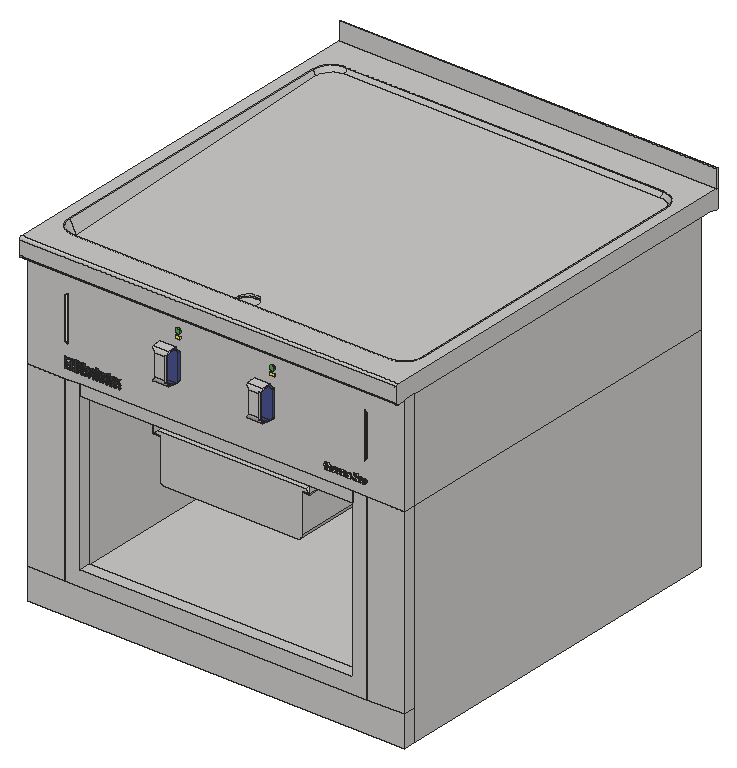
Revit family "QF_ELECTROLUXPROFESSIONAL_588666_MBHBGBHDAO", category Attrezzature speciali, Revit 2020
Family settings
  Quota connettore circolare = Usa diametro
  Tipo di parte = Normale
  Basato su piano di lavoro = No
  Sempre verticale = Sì
  Taglio con vuoti quando caricato = No
  Condiviso = No
  Punto di calcolo locali = No
Parameters (values of type "Standard")
  Weight = 145.00 kg
  Watts = 15300 W
  Volts = 400 V
  URL Manufacturer = "https://www.electroluxprofessional.com/"
  URL = "https://www.electroluxprofessional.com/"
  Steam Supply Size = 0"
  Steam Supply Minimum Pressure = 0.00 psi
  Steam Supply Maximum Pressure = 0.00 psi
  Steam Consumption per Hour = 0
  Refrigeration Suction Line Size = 0 mm
  Refrigeration Liquid Line Size = 0 mm
  Refrigerant Compressor Remote = yes
  Prospetto di default = 0 mm
  Phase = 3
  Modello = "MBHBGBHDAO"
  Produttore = "Electrolux Professional"
  Length Actual = 800 mm  # constant formula
  Item Number = "588666"
  Hot Water Size = 0"
  Height Actual = 700 mm  # constant formula
  HP = "20.5 HP"
  Gas Size = 0"
  Gas KW = 0
  Gas Input Pressure = 0.0 Btu/h
  Direct Waste Size = 0"
  Descrizione = "EL.FRYTOP,SMOOTH PL,1S,BSPL,800X850X700H"
  Depth Actual = 850 mm  # constant formula
  Cycle = 50 Hz
  Condensate Return Size = 0"
  Compressed Air Volume = 0 GPM
  Compressed Air Size = 0"
  Compressed Air Pressure = 0.00 psi
  Cold Water Size = 0"
  Accessory = yes
Reference planes
  plane 1 "BACK": y = 0
  plane 2: z = 0
  plane 3 "LEFT": x = 0
  plane 4 "RIGHT": x = 800
  plane 5 "FRONT": y = -850
  plane 6 "TOP": z = 900
  plane 7 "Center (Left/Right)": x = 400
  plane 8 "Center (Front/Back)": y = -425
  plane 9: y = -150
  plane 10: y = -65
  plane 11: y = -790
  plane 12 "EIY": y = -635
  plane 13: z = 938
  plane 14 "BaseTop": z = 650
  plane 15: y = -805
  plane 16 "Camino": y = -50
  plane 17 "EIx": x = 755
  plane 18: z = 1131
  plane 19 "PlaneRibbed": through (-6096, -65, 890) normal (0, -0.0251, 0.9997)
  plane 20 "Base": z = 200
Forms (mm)
  Extrusion 1, solid, material "QF_Finishes_Stainless Steel"
    sketch origin (-178.969, -4572, 100) x (-1, 0, 0) y (0, -1, 0)
      loop
        line (-178.969, -4527) -> (-178.969, -3767) -> (-978.969, -3767) -> (-978.969, -4527) -> (-178.969, -4527)
    from 550 to 762.969
  Extrusion 2, solid, material "QF_Finishes_Stainless Steel"
    sketch origin (400, 296.4, 1219.2) x (0, 1, 0) y (0, 0, 1)
      loop
        line (-296.4, -319.2) -> (-1141.4, -319.2)
        arc (-1141.4, -319.2) -> (-1144.935, -320.664) -> (-1146.4, -324.2) r 5
        line (-1146.4, -324.2) -> (-1146.4, -355.2)
        arc (-1146.4, -355.2) -> (-1144.971, -358.264) -> (-1141.705, -359.139) r 4
        line (-1141.705, -359.139) -> (-1126.4, -356.231) -> (-316.4, -356.231) -> (-301.094, -359.139)
        arc (-301.094, -359.139) -> (-297.829, -358.264) -> (-296.4, -355.2) r 4
        line (-296.4, -355.2) -> (-296.4, -319.2)
    from -400 to 400
  Extrusion 3, void
    sketch origin (0, 0, 900) x (-1, 0, 0) y (0, -1, 0)
      loop
        arc (-65, 65) -> (-36.716, 76.716) -> (-25, 105) r 40
        line (-25, 105) -> (-25, 750)
        arc (-25, 750) -> (-36.716, 778.284) -> (-65, 790) r 40
        line (-65, 790) -> (-735, 790)
        arc (-735, 790) -> (-763.284, 778.284) -> (-775, 750) r 40
        line (-775, 750) -> (-775, 105)
        arc (-775, 105) -> (-763.284, 76.716) -> (-735, 65) r 40
        line (-735, 65) -> (-65, 65)
    from 0 to -30
  Extrusion 4, solid, material "QF_Finishes_Stainless Steel"
    sketch origin (400, 296.4, 1219.2) x (0, 1, 0) y (0, 0, 1)
      loop
        line (-296.4, -319.2) -> (-296.4, -281.2) -> (-298.4, -281.2) -> (-298.4, -319.2) -> (-296.4, -319.2)
    from 400 to -400
  Extrusion 5, solid, material "QF_Finishes_Stainless Steel"
    sketch origin (0, 0, 200) x (-1, 0, 0) y (0, -1, 0)
      loop
        circle (-755, 635) r 10.1
    from 0 to -10
  Sweep 6, solid, material "QF_Finishes_Stainless Steel"
    path origin (0, 0, 900) x (-1, 0, 0) y (0, -1, 0)
      loop
        line (-25, 105) -> (-25, 750)
        arc (-25, 750) -> (-36.716, 778.284) -> (-65, 790) r 40
        line (-65, 790) -> (-735, 790)
        arc (-735, 790) -> (-763.284, 778.284) -> (-775, 750) r 40
        line (-775, 750) -> (-775, 105)
        arc (-775, 105) -> (-763.284, 76.716) -> (-735, 65) r 40
        line (-735, 65) -> (-65, 65)
        arc (-65, 65) -> (-36.716, 76.716) -> (-25, 105) r 40
    profile origin (25, -427.5, 900) x (1, 0, 0) y (0, 0, 1)
      loop
        line (0, 0) -> (0, -30) -> (15, -30) -> (0, 0)
  Extrusion 7, void
    sketch origin (305.009, 0, 900) x (-1, 0, 0) y (0, -1, 0)
      loop
        circle (-94.991, 746) r 22.248
    from -32.282 to 0
  Extrusion 8, solid, material "QF_Finishes_Stainless Steel"
    sketch origin (400, 296.4, 1219.2) x (0, 1, 0) y (0, 0, 1)
      loop
        line (-1086.4, -349.2) -> (-361.4, -349.2) -> (-361.4, -329.2) -> (-1086.4, -347.399) -> (-1086.4, -349.2)
    from -375 to 375
  Extrusion 9, void
    sketch origin (290.252, 20, 900) x (-1, 0, 0) y (0, -1, 0)
      loop
        circle (-109.748, 765.667) r 22.248
    from -32.282 to 0
  Extrusion 10, solid, material "QF_Finishes_Stainless Steel"
    sketch origin (0, -425, 0) x (-1, 0, 0) y (0, 0, 1)
      loop
        line (-264.372, 616.232) -> (-236.622, 616.232)
        arc (-236.622, 616.232) -> (-235.738, 615.866) -> (-235.372, 614.982) r 1.25
        line (-235.372, 614.982) -> (-235.372, 584.482)
        arc (-235.372, 584.482) -> (-235.738, 583.598) -> (-236.622, 583.232) r 1.25
        line (-236.622, 583.232) -> (-249.372, 583.232) -> (-249.372, 582.232) -> (-236.622, 582.232)
        arc (-236.622, 582.232) -> (-235.031, 582.891) -> (-234.372, 584.482) r 2.25
        line (-234.372, 584.482) -> (-234.372, 614.982)
        arc (-234.372, 614.982) -> (-235.031, 616.573) -> (-236.622, 617.232) r 2.25
        line (-236.622, 617.232) -> (-264.372, 617.232) -> (-264.372, 616.232)
      loop
        line (-537.372, 616.232) -> (-537.372, 617.232) -> (-565.122, 617.232)
        arc (-565.122, 617.232) -> (-566.713, 616.573) -> (-567.372, 614.982) r 2.25
        line (-567.372, 614.982) -> (-567.372, 584.482)
        arc (-567.372, 584.482) -> (-566.713, 582.891) -> (-565.122, 582.232) r 2.25
        line (-565.122, 582.232) -> (-552.372, 582.232) -> (-552.372, 583.232) -> (-565.122, 583.232)
        arc (-565.122, 583.232) -> (-566.006, 583.598) -> (-566.372, 584.482) r 1.25
        line (-566.372, 584.482) -> (-566.372, 614.982)
        arc (-566.372, 614.982) -> (-566.006, 615.866) -> (-565.122, 616.232) r 1.25
        line (-565.122, 616.232) -> (-537.372, 616.232)
    from -365 to 360
  Extrusion 11, solid, material "QF_Finishes_Stainless Steel"
    sketch origin (0, -425, 0) x (-1, 0, 0) y (0, 0, 1)
      loop
        line (-249.872, 583.232) -> (-238.372, 583.232) -> (-238.372, 584.232) -> (-244.372, 590.232) -> (-557.372, 590.232) -> (-563.372, 584.232) -> (-563.372, 583.232) -> (-551.872, 583.232) -> (-551.872, 501.232)
        arc (-551.872, 501.232) -> (-548.65, 493.454) -> (-540.872, 490.232) r 11
        line (-540.872, 490.232) -> (-260.872, 490.232)
        arc (-260.872, 490.232) -> (-253.094, 493.454) -> (-249.872, 501.232) r 11
        line (-249.872, 501.232) -> (-249.872, 583.232)
    from -365 to 360
  Extrusion 12, void
    sketch origin (0, -425, 0) x (-1, 0, 0) y (0, 0, 1)
      loop
        line (-254.872, 501.232) -> (-254.872, 590.232) -> (-546.872, 590.232) -> (-546.872, 506.232)
        arc (-546.872, 506.232) -> (-543.65, 498.454) -> (-535.872, 495.232) r 11
        line (-535.872, 495.232) -> (-260.872, 495.232)
        arc (-260.872, 495.232) -> (-256.629, 496.99) -> (-254.872, 501.232) r 6
    from -350 to 355
  Extrusion 13, solid, material "QF_Finishes_Stainless Steel"
    sketch origin (0, -425, 0) x (-1, 0, 0) y (0, 0, 1)
      loop
        line (-690, 617.232) -> (-109.949, 617.232) -> (-109.949, 627) -> (-690, 627) -> (-690, 617.232)
    from -365 to -351.075
Cuts and joins
  Extrusion 3, Extrusion 7, Extrusion 9 cuts Extrusion 2
  Extrusion 9 cuts Sweep 6
  Extrusion 9 cuts Extrusion 8
  joined: Sweep 6, Extrusion 8
  Extrusion 12 cuts Extrusion 11
Lines and regions (mm)
  symbolic lines
    curve 1: line (0, 0, 100) -> (800, 0, 100)
    curve 2: line (0, -850, 100) -> (0, 0, 100)
    curve 3: line (800, -850, 100) -> (0, -850, 100)
    curve 4: line (800, 0, 100) -> (800, -850, 100)
    curve 5: line (0, -2, 0) -> (800, -2, 0)
    curve 6: line (734.029, -65, 0) -> (65.29, -65, 0)
    curve 7: line (65.29, -790, 0) -> (734.029, -790, 0)
    curve 8: line (65, -80, 900) -> (735, -80, 900)
    curve 9: line (735, -775, 900) -> (65, -775, 900)
    curve 10: arc (760, -750, 900) -> (752.678, -767.678, 900) -> (735, -775, 900) r 25
    curve 11: line (760, -105, 900) -> (760, -750, 900)
    curve 12: arc (735, -80, 900) -> (752.678, -87.322, 900) -> (760, -105, 900) r 25
    curve 13: circle (400, -746, 900) r 22.248 normal (0, 0, 1)
    curve 14: arc (90.5, -85.483, 900) -> (62.314, -97.096, 900) -> (50.5, -125.198, 900) r 39.994
    curve 15: line (90.5, -85.482, 900) -> (710.5, -85.482, 900)
    curve 16: line (50.5, -662.082, 900) -> (50.5, -125.198, 900)
    curve 17: arc (50.5, -662.082, 900) -> (62.314, -690.184, 900) -> (90.5, -701.797, 900) r 39.994
    curve 18: line (710.5, -701.798, 900) -> (90.5, -701.798, 900)
    curve 19: line (40.29, -708.526, 900) -> (760, -708.526, 900)
    curve 20: line (40.29, -718.526, 900) -> (760, -718.526, 900)
    curve 21: arc (65, -65, 900) -> (36.716, -76.716, 900) -> (25, -105, 900) r 40
    curve 22: line (25, -105, 900) -> (25, -750, 900)
    curve 23: arc (25, -750, 900) -> (36.716, -778.284, 900) -> (65, -790, 900) r 40
    curve 24: arc (735, -790, 900) -> (763.284, -778.284, 900) -> (775, -750, 900) r 40
    curve 25: line (775, -750, 900) -> (775, -105, 900)
    curve 26: arc (775, -105, 900) -> (763.284, -76.716, 900) -> (735, -65, 900) r 40
    curve 27: arc (709.5, -85.483, 900) -> (737.686, -97.096, 900) -> (749.5, -125.198, 900) r 39.994
    curve 28: line (749.5, -662.082, 900) -> (749.5, -125.198, 900)
    curve 29: arc (749.5, -662.082, 900) -> (737.686, -690.184, 900) -> (709.5, -701.797, 900) r 39.994
    curve 30: arc (65, -775, 900) -> (47.322, -767.678, 900) -> (40, -750, 900) r 25
    curve 31: line (40, -750, 900) -> (40, -105, 900)
    curve 32: arc (40, -105, 900) -> (47.322, -87.322, 900) -> (65, -80, 900) r 25
Dimensions and locks
  plane 3 "LEFT" to plane 4 "RIGHT" = 800 mm
  locked: plane 5 "FRONT" to plane 1 "BACK" at 850
  plane 3 "LEFT" to plane 7 "Center (Left/Right)" to plane 4 "RIGHT" = 400 mm, 400 mm
  equal spacing: plane 5 "FRONT", plane 8 "Center (Front/Back)", plane 1 "BACK"
  plane 6 "TOP" to level = 900 mm  (x2)
  plane 1 "BACK" to plane 9 = 150 mm
  plane 12 "EIY" to plane 1 "BACK" = 635 mm
  plane 13 to plane 6 "TOP" = 38 mm
  plane 10 to plane 1 "BACK" = 65 mm
  plane 5 "FRONT" to plane 11 = 60 mm
  locked: plane 6 "TOP" to plane 14 "BaseTop" at 250
  locked: plane 15 to plane 5 "FRONT" at 45
  plane 16 "Camino" to plane 1 "BACK" = 50 mm
  plane 17 "EIx" to plane 4 "RIGHT" = 45 mm
  plane 18 to plane 6 "TOP" = 231 mm
  plane 20 "Base" to level = 200 mm
  aligned and locked: level to plane 2
  aligned and locked: cut or joined group of Extrusion 2, Extrusion 3, Extrusion 7, Extrusion 9 to plane 3 "LEFT"
  aligned and locked: cut or joined group of Extrusion 2, Extrusion 3, Extrusion 7, Extrusion 9 to plane 4 "RIGHT"
  aligned and locked: nested 1 to plane 15
  aligned and locked: Extrusion 1 to plane 15
  aligned and locked: Extrusion 4 to plane 3 "LEFT"
  aligned and locked: Extrusion 4 to plane 4 "RIGHT"
  aligned and locked: plane 3 "LEFT" to nested 1
  aligned and locked: Extrusion 1 to nested 2
Automatic sketch dimensions
  curve 5 to plane 3 "LEFT" = 0 mm
  plane 10 to curve 6 = 0 mm
  plane 11 to curve 7 = 0 mm
  curve 5 to plane 4 "RIGHT" = 0 mm
  plane 3 "LEFT" to curve 6 = 65.29 mm
  plane 3 "LEFT" to curve 7 = 65.29 mm
  curve 6 to plane 17 "EIx" = 20.971 mm
  curve 7 to plane 17 "EIx" = 20.971 mm
  plane 1 "BACK" to curve 5 = 2 mm
  Extrusion 1 sketch curve to plane 4 "RIGHT" = 0 mm
  Extrusion 1 sketch curve to plane 3 "LEFT" = 0 mm
  Extrusion 1 sketch curve to plane 15 = 0 mm
  Extrusion 1 sketch curve to plane 16 "Camino" = 5 mm
  plane 1 "BACK" to curve 1 = 0 mm
  curve 1 to plane 4 "RIGHT" = 0 mm
  curve 3 to plane 3 "LEFT" = 0 mm
  plane 5 "FRONT" to curve 3 = 0 mm
  Extrusion 2 sketch curve to plane 5 "FRONT" = 0 mm
  Extrusion 2 sketch curve to plane 6 "TOP" = 0 mm
  Extrusion 2 sketch curve to plane 1 "BACK" = 0 mm
  Extrusion 2 sketch curve to Extrusion 2 sketch curve = 4 mm
  Extrusion 2 sketch curve to Extrusion 2 sketch curve = 0.695 mm
  Extrusion 2 sketch curve to plane 5 "FRONT" = 5 mm
  Extrusion 2 sketch curve to Extrusion 2 sketch curve = 15.305 mm
  plane 1 "BACK" to Extrusion 2 sketch curve = 20 mm
  plane 1 "BACK" to Extrusion 2 sketch curve = 4.695 mm
  plane 1 "BACK" to Extrusion 2 sketch curve = 4 mm
  Extrusion 2 sketch curve to Extrusion 2 sketch curve = 31 mm
  Extrusion 2 sketch curve to Extrusion 2 sketch curve = 36 mm
  Extrusion 2 sketch curve to Extrusion 2 sketch curve = 2.909 mm
  plane 11 to Extrusion 3 sketch curve = 0 mm
  plane 10 to Extrusion 3 sketch curve = 0 mm
  plane 17 "EIx" to Extrusion 3 sketch curve = 20 mm
  Extrusion 3 sketch curve to plane 17 "EIx" = 20 mm  (x2)
  plane 3 "LEFT" to Extrusion 3 sketch curve = 65 mm  (x2)
  plane 10 to Extrusion 3 sketch curve = 40 mm
  curve 10 to curve 24 = 0 mm  (x2)
  curve 12 to curve 26 = 0 mm  (x2)
  curve 21 to curve 32 = 0 mm  (x2)
  curve 23 to curve 30 = 0 mm  (x2)
  plane 10 to curve 26 = 0 mm
  plane 11 to curve 24 = 0 mm
  curve 13 to plane 7 "Center (Left/Right)" = 0 mm
  plane 10 to curve 21 = 0 mm
  curve 29 to plane 17 "EIx" = 45.493 mm
  curve 27 to plane 17 "EIx" = 45.493 mm
  curve 12 to plane 17 "EIx" = 20 mm
  curve 24 to plane 17 "EIx" = 20 mm
  curve 28 to plane 17 "EIx" = 5.5 mm
  plane 17 "EIx" to curve 11 = 5 mm
  curve 25 to curve 11 = 15 mm
  curve 17 to plane 12 "EIY" = 26.803 mm
  plane 3 "LEFT" to curve 17 = 90.493 mm
  plane 9 to curve 14 = 24.523 mm
  plane 3 "LEFT" to curve 14 = 90.493 mm
  curve 14 to curve 21 = 25.493 mm
  curve 23 to plane 11 = 40 mm
  plane 3 "LEFT" to curve 23 = 65 mm
  curve 17 to curve 16 = 39.993 mm
  curve 31 to curve 16 = 20.198 mm
  curve 11 to curve 28 = 20.198 mm
  plane 9 to curve 27 = 24.523 mm
  curve 29 to plane 12 "EIY" = 26.803 mm
  curve 16 to plane 12 "EIY" = 27.082 mm
  curve 28 to plane 12 "EIY" = 27.082 mm
  curve 13 to plane 11 = 44 mm
  plane 10 to curve 27 = 20.483 mm
  curve 29 to curve 29 = 0.007 mm
  curve 18 to curve 29 = 1 mm
  curve 15 to curve 27 = 1 mm
  curve 18 to curve 17 = 0.007 mm
  curve 15 to curve 8 = 25.5 mm
  curve 15 to curve 14 = 0 mm
  curve 18 to curve 17 = 0 mm
  curve 20 to curve 30 = 0.29 mm
  curve 19 to curve 20 = 0 mm
  curve 15 to curve 14 = 0.001 mm
  curve 29 to curve 18 = 0.001 mm
  curve 19 to curve 30 = 41.474 mm
  curve 19 to curve 20 = 10 mm
  Extrusion 4 sketch curve to plane 6 "TOP" = 0 mm
  Extrusion 4 sketch curve to plane 13 = 0 mm
  Extrusion 4 sketch curve to plane 1 "BACK" = 0 mm
  Extrusion 4 sketch curve to Extrusion 4 sketch curve = 2 mm
  plane 10 to Sweep 6 sketch curve = 0 mm
  plane 11 to Sweep 6 sketch curve = 0 mm
  plane 17 "EIx" to Sweep 6 sketch curve = 20 mm
  Sweep 6 sketch curve to plane 17 "EIx" = 20 mm  (x2)
  plane 3 "LEFT" to Sweep 6 sketch curve = 65 mm  (x2)
  plane 3 "LEFT" to Sweep 6 sketch curve = 25 mm
  profile plane to Sweep 6 sketch curve = 0 mm
  Sweep 6 sketch curve to plane 6 "TOP" = 0 mm
  Sweep 6 sketch curve to profile plane = 15 mm
  Sweep 6 sketch curve to plane 6 "TOP" = 30 mm
  Extrusion 7 sketch curve to plane 7 "Center (Left/Right)" = 0 mm
  Extrusion 7 sketch curve to plane 11 = 44 mm
  Extrusion 7 sketch curve to plane 7 "Center (Left/Right)" = 12.288 mm
  Extrusion 7 sketch curve to Extrusion 7 sketch curve = 0 mm
  Extrusion 7 sketch curve to Extrusion 7 sketch curve = 18.547 mm
  plane 7 "Center (Left/Right)" to Extrusion 9 sketch curve = 0 mm
  Extrusion 9 sketch curve to plane 11 = 44.333 mm
  Extrusion 9 sketch curve to plane 7 "Center (Left/Right)" = 12.288 mm
  Extrusion 9 sketch curve to Extrusion 9 sketch curve = 0 mm
  Extrusion 9 sketch curve to Extrusion 9 sketch curve = 18.547 mm
  Extrusion 8 sketch curve to plane 11 = 0 mm
  Extrusion 8 sketch curve to plane 10 = 0 mm
  Extrusion 8 sketch curve to plane 6 "TOP" = 30 mm
  Extrusion 8 sketch curve to plane 6 "TOP" = 10 mm
  Extrusion 8 sketch curve to Extrusion 8 sketch curve = 1.801 mm
  plane 12 "EIY" to Extrusion 5 sketch curve = 0 mm
  Extrusion 5 sketch curve to plane 17 "EIx" = 0 mm
  Extrusion 10 sketch curve to Extrusion 10 sketch curve = 0 mm  (x8)
  Extrusion 10 sketch curve to plane 14 "BaseTop" = 35.018 mm
  plane 7 "Center (Left/Right)" to Extrusion 10 sketch curve = 167.372 mm
  Extrusion 10 sketch curve to Extrusion 10 sketch curve = 1 mm  (x2)
  Extrusion 10 sketch curve to Extrusion 10 sketch curve = 1.25 mm  (x3)
  Extrusion 10 sketch curve to Extrusion 10 sketch curve = 12.75 mm  (x2)
  Extrusion 10 sketch curve to Extrusion 10 sketch curve = 27.75 mm  (x2)
  Extrusion 10 sketch curve to plane 14 "BaseTop" = 33.768 mm
  Extrusion 10 sketch curve to plane 7 "Center (Left/Right)" = 135.628 mm
  Extrusion 10 sketch curve to Extrusion 10 sketch curve = 15 mm
  Extrusion 10 sketch curve to Extrusion 10 sketch curve = 30.5 mm  (x2)
  Extrusion 11 sketch curve to plane 14 "BaseTop" = 66.768 mm
  plane 7 "Center (Left/Right)" to Extrusion 11 sketch curve = 163.372 mm
  Extrusion 11 sketch curve to Extrusion 11 sketch curve = 11.5 mm
  Extrusion 11 sketch curve to Extrusion 11 sketch curve = 11 mm  (x2)
  Extrusion 11 sketch curve to plane 7 "Center (Left/Right)" = 139.128 mm
  Extrusion 11 sketch curve to Extrusion 11 sketch curve = 5.5 mm
  Extrusion 11 sketch curve to Extrusion 11 sketch curve = 6 mm  (x3)
  Extrusion 11 sketch curve to Extrusion 11 sketch curve = 82 mm
  Extrusion 11 sketch curve to Extrusion 11 sketch curve = 1 mm  (x2)
  Extrusion 11 sketch curve to plane 14 "BaseTop" = 59.768 mm
  plane 7 "Center (Left/Right)" to Extrusion 12 sketch curve = 146.872 mm
  Extrusion 12 sketch curve to Extrusion 12 sketch curve = 11 mm
  Extrusion 12 sketch curve to plane 7 "Center (Left/Right)" = 139.128 mm
  Extrusion 12 sketch curve to Extrusion 12 sketch curve = 6 mm
  Extrusion 12 sketch curve to plane 14 "BaseTop" = 154.768 mm
  Extrusion 12 sketch curve to plane 14 "BaseTop" = 59.768 mm
  Extrusion 13 sketch curve to plane 14 "BaseTop" = 23 mm
  plane 3 "LEFT" to Extrusion 13 sketch curve = 109.949 mm
  Extrusion 13 sketch curve to plane 17 "EIx" = 65 mm
  Extrusion 13 sketch curve to Extrusion 13 sketch curve = 9.768 mm
  radius of curve 13 = 22.248 mm
  radius of Extrusion 5 sketch curve = 10.1 mm
Nested families
  nested 1: "Front_Panel_W800_2 Knobs_2Spie" at (202.376, -805, 0), type "Front_Panel_W800_2 Knobs_2Spie"
  nested 2: "QF_ELECTROLUXPROFESSIONAL_588643_MB1NCAHOOO" at (0, 0, 0), type "QF_ELECTROLUXPROFESSIONAL_588643_MB1NCAHOOO"
    with Type Mark "", Specification by User "", Revision Code "", Item Number "", Installed By "", Identify Quantity as Lot yes, Furnished By "", Foodservice Equipment Identifier yes
Connectors
  electrical at (755, -635, 190), driven by "Volts"
    settings: on Extrusion 5, index 1, voltage 400 V, apparent load 0 VA, apparent load phase1 0 VA, apparent load phase2 0 VA, apparent load phase3 0 VA, power factor 1, load classification "Other", number of poles 1, system type 30, power factor state 1, is connector primary yes, connector utility no, sub classification motor no, connector description "Electrical Connection"
Definition of nested family "Front_Panel_W800_2 Knobs_2Spie"
  Parameters
    Default Elevation = 0 mm
  Reference planes
    plane 1 "Center (Front/Back)": y = 0
    plane 2: z = 0
    plane 3 "Center (Left/Right)": x = 197.624
    plane 4 "Left": x = -202.376
    plane 5 "Right": x = 597.624
    plane 6: y = -45
    plane 7: x = 97.624
    plane 8 "Panel": y = -25
    plane 9: x = 517.624
    plane 10: x = -122.376
    plane 11: x = 297.624
  Forms (mm)
    Extrusion 1, solid
      sketch origin (833.217, 829.203, -1.25) x (0, 1, 0) y (0, 0, 1)
        loop
          line (-854.203, 651.25) -> (-829.203, 651.25) -> (-829.203, 864.25) -> (-854.203, 864.25) -> (-854.203, 651.25)
      from -1035.593 to -235.593
    Extrusion 2, void
      sketch origin (0, -25, -10) x (0, 0, 1) y (-1, 0, 0)
        loop
          line (731.866, 122.376) -> (726.866, 117.376) -> (823.866, 117.376) -> (818.866, 122.376) -> (731.866, 122.376)
        loop
          line (731.866, -517.624) -> (818.866, -517.624) -> (823.866, -512.624) -> (726.866, -512.624) -> (731.866, -517.624)
      from 0 to -2
    Extrusion 3, solid
      sketch origin (160, -25, 1.163) x (0, 0, 1) y (-1, 0, 0)
        loop
          circle (824.337, 42.376) r 5
      from 0 to 1.7
    Extrusion 4, solid
      sketch origin (330.497, -25, 1.163) x (0, 0, 1) y (-1, 0, 0)
        loop
          circle (824.337, 12.376) r 5
      from 0 to 1.7
    Extrusion 5, solid
      sketch origin (0, -25, -10) x (0, 0, 1) y (-1, 0, 0)
        loop
          line (731.866, 122.376) -> (726.866, 117.376) -> (823.866, 117.376) -> (818.866, 122.376) -> (731.866, 122.376)
        loop
          line (726.866, -512.624) -> (731.866, -517.624) -> (818.866, -517.624) -> (823.866, -512.624) -> (726.866, -512.624)
      from -2 to 0
    Extrusion 6, solid
      sketch origin (160, -25, -13.837) x (0, 0, 1) y (-1, 0, 0)
        loop
          line (829.337, 37.376) -> (829.337, 47.376) -> (824.337, 47.376) -> (824.337, 37.376) -> (829.337, 37.376)
      from 0 to 1.7
    Extrusion 7, solid
      sketch origin (360, -25, -13.837) x (0, 0, 1) y (-1, 0, 0)
        loop
          line (829.337, 37.376) -> (829.337, 47.376) -> (824.337, 47.376) -> (824.337, 37.376) -> (829.337, 37.376)
      from 0 to 1.7
  Cuts and joins
    Extrusion 2 cuts Extrusion 1
  Dimensions and locks
    equal spacing: plane 5 "Right", plane 3 "Center (Left/Right)", plane 4 "Left"
    plane 5 "Right" to plane 4 "Left" = 800 mm
    plane 3 "Center (Left/Right)" to plane 7 = 100 mm
    plane 11 to plane 3 "Center (Left/Right)" = 100 mm
    aligned and locked: cut or joined group of Extrusion 1, Extrusion 2 to plane 4 "Left"
    aligned and locked: plane 5 "Right" to cut or joined group of Extrusion 1, Extrusion 2
  Automatic sketch dimensions
    Extrusion 1 sketch curve to plane 8 "Panel" = 0 mm
    Extrusion 1 sketch curve to plane 1 "Center (Front/Back)" = 0 mm
    level to Extrusion 1 sketch curve = 650 mm
    Extrusion 1 sketch curve to Extrusion 1 sketch curve = 213 mm
    Extrusion 2 sketch curve to plane 10 = 0 mm
    Extrusion 2 sketch curve to plane 9 = 0 mm
    Extrusion 2 sketch curve to plane 9 = 5 mm
    level to Extrusion 2 sketch curve = 716.866 mm
    plane 10 to Extrusion 2 sketch curve = 5 mm
    Extrusion 2 sketch curve to Extrusion 2 sketch curve = 0 mm
    Extrusion 2 sketch curve to Extrusion 2 sketch curve = 5 mm  (x4)
    Extrusion 2 sketch curve to Extrusion 2 sketch curve = 87 mm  (x2)
    plane 7 to Extrusion 3 sketch curve = 20 mm
    level to Extrusion 3 sketch curve = 825.5 mm
    plane 11 to Extrusion 4 sketch curve = 20.497 mm
    level to Extrusion 4 sketch curve = 825.5 mm
    Extrusion 5 sketch curve to plane 10 = 0 mm
    Extrusion 5 sketch curve to plane 9 = 0 mm
    Extrusion 5 sketch curve to plane 9 = 5 mm
    level to Extrusion 5 sketch curve = 716.866 mm
    plane 10 to Extrusion 5 sketch curve = 5 mm
    Extrusion 5 sketch curve to Extrusion 5 sketch curve = 0 mm
    Extrusion 5 sketch curve to Extrusion 5 sketch curve = 5 mm  (x4)
    Extrusion 5 sketch curve to Extrusion 5 sketch curve = 87 mm  (x2)
    plane 7 to Extrusion 6 sketch curve = 25 mm
    level to Extrusion 6 sketch curve = 810.5 mm
    Extrusion 6 sketch curve to Extrusion 6 sketch curve = 5 mm
    Extrusion 6 sketch curve to Extrusion 6 sketch curve = 10 mm
    plane 11 to Extrusion 7 sketch curve = 25 mm
    level to Extrusion 7 sketch curve = 810.5 mm
    Extrusion 7 sketch curve to Extrusion 7 sketch curve = 5 mm
    Extrusion 7 sketch curve to Extrusion 7 sketch curve = 10 mm
    radius of Extrusion 3 sketch curve = 5 mm
    radius of Extrusion 4 sketch curve = 5 mm
  Nested families
    nested 1: "Range Control Handle" at (97.851, -28.137, -209.113) x (-1, 0, 0) z (0, 0, 1), type "Range Control Handle"
    nested 2: "Range Control Handle" at (297.398, -28.137, -209.113), type "Range Control Handle"
    nested 3: "ELX_ThermaLine_Small" at (468.838, -25, 679.426) x (1, 0, 0) z (0, -1, 0), type "ELX_ThermaLine_Small"
      with Show Logo yes, Material_Logo none
    nested 4: "ELX_Professional_Logo_Small" at (-62.89, -25, 681.659) x (1, 0, 0) z (0, -1, 0), type "ELX_Professional_Logo_Small"
      with Show Logo yes, Material_Logo none
  Definition of nested family "Range Control Handle"
    Parameters
      Default Elevation = 0 mm
    Reference planes
      plane 1 "Center (Front/Back)": y = 0
      plane 2: z = 0
      plane 3 "Center (Left/Right)": x = 0
      plane 4: z = 971.092
      plane 5: y = -16.9
    Forms (mm)
      Extrusion 1, solid
        sketch origin (-746.28, 380.497, 208.931) x (-1, 0, 0) y (0, 0, 1)
          loop
            line (-770.101, 786.798) -> (-770.101, 731.649)
            arc (-770.101, 731.649) -> (-769.759, 730.563) -> (-768.855, 729.87) r 1.893
            line (-768.855, 729.87) -> (-763.474, 727.911) -> (-729.81, 727.911) -> (-724.428, 729.87)
            arc (-724.428, 729.87) -> (-723.525, 730.563) -> (-723.183, 731.649) r 1.893
            line (-723.183, 731.649) -> (-723.183, 786.798)
            arc (-723.183, 786.798) -> (-723.529, 787.894) -> (-724.44, 788.593) r 1.91
            line (-724.44, 788.593) -> (-729.683, 790.819) -> (-763.601, 790.819) -> (-768.844, 788.593)
            arc (-768.844, 788.593) -> (-769.755, 787.894) -> (-770.101, 786.798) r 1.91
        from -382.35 to -378.852
      Sweep 2, solid
        path origin (-746.788, 380.496, 208.091) x (0, -1, 0) y (0, 0, 1)
          loop
            line (379.775, 793.281) -> (395.661, 791.048)
            arc (395.661, 791.048) -> (397.781, 787.377) -> (398.517, 783.202) r 12.207
            line (398.517, 783.202) -> (398.517, 737.368)
            arc (398.517, 737.368) -> (397.781, 733.193) -> (395.661, 729.522) r 12.207
            line (395.661, 729.522) -> (379.775, 727.289)
        profile origin (-746.788, -7.222, 1000.256) x (0, -0.139173, 0.990268) y (-1, 0, 0)
          loop
            line (0.782, -763.123) -> (0.782, -730.907) -> (-1.322, -730.907) -> (-1.322, -763.123) -> (0.782, -763.123)
      Sweep 3, solid
        path origin (-746.788, 380.715, 207.832) x (0, -1, 0) y (0, 0, 1)
          loop
            line (380.478, 795.442) -> (397.218, 793.09)
            arc (397.218, 793.09) -> (399.929, 788.473) -> (400.871, 783.202) r 15.207
            line (400.871, 783.202) -> (400.871, 737.584)
            arc (400.871, 737.584) -> (399.914, 732.274) -> (397.164, 727.633) r 15.207
            line (397.164, 727.633) -> (380.601, 725.305)
        profile origin (-746.788, -8.132, 1002.099) x (0, -0.139173, 0.990268) y (-1, 0, 0)
          loop
            line (0.782, -763.123) -> (0.782, -730.907) -> (-1.322, -730.907) -> (-1.322, -763.123) -> (0.782, -763.123)
      Extrusion 4, void
        sketch origin (889.253, 220.666, 207.993) x (1, 0, 0) y (0, 0, 1)
          loop
            line (-943.038, 816.854) -> (-943.038, 703.686) -> (-899.466, 734.196) -> (-899.466, 786.344) -> (-943.038, 816.854)
        from 230.636 to 242.25
      Extrusion 5, void
        sketch origin (-888.8, 220.666, 207.993) x (-1, 0, 0) y (0, 0, -1)
          loop
            line (-943.038, -816.854) -> (-899.466, -786.344) -> (-899.466, -734.196) -> (-943.038, -703.686) -> (-943.038, -816.854)
        from 230.636 to 242.25
      Extrusion 6, solid
        sketch origin (0, 0, 0) x (1, 0, 0) y (0, 0, 1)
          loop
            circle (0, 971.092) r 7.736
        from -3.137 to -1.645
    Cuts and joins
      Extrusion 4, Extrusion 5 cuts Sweep 3
      Extrusion 4, Extrusion 5 cuts Sweep 2
      joined: Extrusion 1, Extrusion 6
    Lines and regions (mm)
      symbolic lines
        curve 1: line (16.334, -16.9, 0) -> (16.334, -19.227, 0)
        curve 2: spline (16.334, -19.227, 0) -> (15.87, -19.385, 0) -> (15.404, -19.536, 0) -> (14.936, -19.678, 0) -> (14.466, -19.813, 0) -> (13.995, -19.94, 0) -> (13.523, -20.059, 0) -> (13.049, -20.171, 0) -> (12.575, -20.274, 0) -> (12.099, -20.37, 0) -> (11.622, -20.458, 0) -> (11.144, -20.537, 0) -> (10.666, -20.609, 0)
        curve 3: line (10.666, -16.9, 0) -> (10.666, -20.938, 0)
        curve 4: line (-10.213, -20.938, 0) -> (10.666, -20.938, 0)
        curve 5: line (-10.213, -20.938, 0) -> (-10.213, -16.9, 0)
        curve 6: spline (-10.213, -20.609, 0) -> (-10.691, -20.537, 0) -> (-11.169, -20.458, 0) -> (-11.646, -20.37, 0) -> (-12.122, -20.274, 0) -> (-12.597, -20.171, 0) -> (-13.07, -20.059, 0) -> (-13.542, -19.94, 0) -> (-14.013, -19.813, 0) -> (-14.483, -19.678, 0) -> (-14.951, -19.536, 0) -> (-15.417, -19.385, 0) -> (-15.881, -19.227, 0)
        curve 7: line (-15.881, -19.227, 0) -> (-15.881, -16.9, 0)
  Definition of nested family "ELX_ThermaLine_Small"
    Parameters
      Show Logo [instance] = yes
      Material_Logo [instance] = none
      Default Elevation = 0 mm
    Reference planes
      plane 1 "Centro (Fronte/Retro)": y = 0
      plane 2: z = 0
      plane 3 "Centro (Sinistra/Destra)": x = 0
    Forms (mm)
      Extrusion 1, solid
        sketch origin (0, 0, 0) x (1, 0, 0) y (0, 1, 0)
          loop
            line (-1219.2, 1219.2) -> (-1219.2, -1219.2) -> (1219.2, -1219.2) -> (1219.2, 1219.2) -> (-1219.2, 1219.2)
        from 0 to -304.8
      Extrusion 2, solid
        sketch origin (0, 0, 0) x (1, 0, 0) y (0, 1, 0)
          loop
            line (-37.494, 1.229) -> (-35.908, 1.229) -> (-35.908, 3.066) -> (-37.494, 3.066) -> (-37.494, 6.221) -> (-39.867, 4.881) -> (-39.867, 3.066) -> (-40.969, 3.066) -> (-40.969, 1.229) -> (-39.867, 1.229) -> (-39.867, -3.407)
            arc (-39.867, -3.407) -> (-38.982, -5.513) -> (-36.751, -6.001) r 2.478
            line (-36.751, -6.001) -> (-35.638, -5.7) -> (-35.9, -3.835) -> (-36.661, -4.039)
            arc (-36.661, -4.039) -> (-37.236, -3.924) -> (-37.494, -3.399) r 0.662
            line (-37.494, -3.399) -> (-37.494, 1.229)
          loop
            line (-34.242, 6.539) -> (-34.242, -5.848) -> (-31.854, -5.848) -> (-31.854, -0.078)
            arc (-31.854, -0.078) -> (-30.939, 1.249) -> (-29.33, 1.367) r 1.866
            arc (-29.33, 1.367) -> (-28.695, 0.768) -> (-28.461, -0.073) r 1.627
            line (-28.461, -0.073) -> (-28.461, -5.848) -> (-26.086, -5.848) -> (-26.064, -0.46)
            arc (-26.064, -0.46) -> (-26.261, 0.932) -> (-26.786, 2.237) r 5.825
            arc (-26.786, 2.237) -> (-29.381, 3.264) -> (-31.854, 1.971) r 3.353
            line (-31.854, 1.971) -> (-31.854, 6.539) -> (-34.242, 6.539)
          loop
            arc (-18.398, -0.598) -> (-18.893, 0.879) -> (-20.326, 1.487) r 1.897
            arc (-20.326, 1.487) -> (-21.461, 0.708) -> (-21.897, -0.598) r 2.164
            line (-21.897, -0.598) -> (-18.398, -0.598)
          loop
            arc (-16.021, -2.044) -> (-16.754, 1.227) -> (-19.444, 3.226) r 4.814
            arc (-19.444, 3.226) -> (-22.137, 2.788) -> (-23.943, 0.743) r 4.054
            arc (-23.943, 0.743) -> (-24.382, -1.249) -> (-24.162, -3.276) r 6.289
            arc (-24.162, -3.276) -> (-23.302, -4.71) -> (-21.958, -5.705) r 4.28
            arc (-21.958, -5.705) -> (-18.558, -5.814) -> (-16.152, -3.409) r 4.28
            line (-16.152, -3.409) -> (-18.5, -2.995)
            arc (-18.5, -2.995) -> (-19.273, -3.994) -> (-20.533, -4.076) r 1.536
            arc (-20.533, -4.076) -> (-21.56, -3.281) -> (-21.958, -2.044) r 2.197
            line (-21.958, -2.044) -> (-16.021, -2.044)
          loop
            line (-14.165, -5.848) -> (-11.819, -5.848) -> (-11.819, -2.138)
            arc (-11.819, -2.138) -> (-11.787, -1.156) -> (-11.637, -0.185) r 8.18
            arc (-11.637, -0.185) -> (-10.644, 0.972) -> (-9.132, 0.776) r 1.603
            line (-9.132, 0.776) -> (-8.419, 2.846)
            arc (-8.419, 2.846) -> (-10.432, 3.118) -> (-11.994, 1.821) r 2.527
            line (-11.994, 1.821) -> (-11.994, 3.094) -> (-14.165, 3.094) -> (-14.165, -5.848)
          loop
            line (-7.579, 3.094) -> (-7.579, -5.848) -> (-5.178, -5.848) -> (-5.178, -0.756)
            arc (-5.178, -0.756) -> (-4.727, 0.679) -> (-3.417, 1.419) r 2.05
            arc (-3.417, 1.419) -> (-2.499, 0.908) -> (-2.155, -0.085) r 1.471
            line (-2.155, -0.085) -> (-2.155, -5.848) -> (0.23, -5.848) -> (0.23, -1.001)
            arc (0.23, -1.001) -> (0.47, 0.127) -> (1.148, 1.061) r 2.775
            arc (1.148, 1.061) -> (2.225, 1.329) -> (3.05, 0.587) r 1.182
            arc (3.05, 0.587) -> (3.199, -0.019) -> (3.214, -0.642) r 2.894
            line (3.214, -0.642) -> (3.214, -5.848) -> (5.601, -5.848) -> (5.601, 0.261)
            arc (5.601, 0.261) -> (4.87, 2.263) -> (2.976, 3.241) r 2.932
            arc (2.976, 3.241) -> (1.284, 2.973) -> (-0.047, 1.896) r 3.309
            arc (-0.047, 1.896) -> (-1.116, 2.865) -> (-2.506, 3.258) r 3.16
            arc (-2.506, 3.258) -> (-4.105, 2.942) -> (-5.376, 1.92) r 3.419
            line (-5.376, 1.92) -> (-5.376, 3.094) -> (-7.579, 3.094)
          loop
            line (7.583, 0.738) -> (9.702, 0.364)
            arc (9.702, 0.364) -> (11.441, 1.492) -> (12.855, -0.023) r 1.613
            line (12.855, -0.023) -> (9.782, -0.789)
            arc (9.782, -0.789) -> (8.559, -1.346) -> (7.617, -2.305) r 3.687
            arc (7.617, -2.305) -> (7.499, -3.681) -> (7.901, -5.003) r 3.651
            arc (7.901, -5.003) -> (9.107, -5.766) -> (10.515, -6.006) r 3.635
            arc (10.515, -6.006) -> (11.898, -5.697) -> (13.067, -4.895) r 3.734
            line (13.067, -4.895) -> (13.376, -5.848) -> (15.75, -5.848) -> (15.212, -4.193) -> (15.212, 0.38)
            arc (15.212, 0.38) -> (14.897, 1.849) -> (13.818, 2.895) r 2.585
            arc (13.818, 2.895) -> (11.792, 3.442) -> (9.719, 3.11) r 5.005
            arc (9.719, 3.11) -> (8.369, 2.178) -> (7.583, 0.738) r 3.54
          loop
            line (19.723, -5.848) -> (22.233, -5.848) -> (24.854, 6.484) -> (22.345, 6.484) -> (19.723, -5.848)
          loop
            line (24.583, -5.848) -> (26.953, -5.848) -> (28.848, 3.066) -> (26.478, 3.066) -> (24.583, -5.848)
          loop
            line (27.204, 6.484) -> (26.741, 4.305) -> (29.111, 4.305) -> (29.575, 6.484) -> (27.204, 6.484)
          loop
            line (29.355, -5.848) -> (31.849, -5.848) -> (33.098, 0.028)
            arc (33.098, 0.028) -> (34.169, 1.306) -> (35.832, 1.422) r 2.132
            arc (35.832, 1.422) -> (36.324, 0.752) -> (36.383, -0.078) r 1.5
            line (36.383, -0.078) -> (35.157, -5.848) -> (37.536, -5.848) -> (38.936, 0.738)
            arc (38.936, 0.738) -> (38.775, 2.091) -> (37.825, 3.066) r 2.118
            arc (37.825, 3.066) -> (35.392, 3.175) -> (33.295, 1.937) r 4.271
            line (33.295, 1.937) -> (33.535, 3.066) -> (31.25, 3.066) -> (29.355, -5.848)
          loop
            line (42.792, -0.64) -> (46.589, -0.64)
            arc (46.589, -0.64) -> (46.639, 0.124) -> (46.327, 0.823) r 1.589
            arc (46.327, 0.823) -> (45.117, 1.521) -> (43.762, 1.183) r 1.865
            arc (43.762, 1.183) -> (43.141, 0.344) -> (42.792, -0.64) r 3.538
          loop
            line (42.565, -2.138) -> (48.593, -2.138)
            arc (48.593, -2.138) -> (48.58, 0.597) -> (46.983, 2.818) r 4.494
            arc (46.983, 2.818) -> (44.191, 3.28) -> (41.725, 1.891) r 4.26
            arc (41.725, 1.891) -> (40.503, -0.3) -> (40.284, -2.799) r 6.003
            arc (40.284, -2.799) -> (40.959, -4.468) -> (42.377, -5.576) r 3.482
            arc (42.377, -5.576) -> (44.265, -5.961) -> (46.152, -5.576) r 4.823
            arc (46.152, -5.576) -> (47.432, -4.731) -> (48.328, -3.485) r 4.245
            line (48.328, -3.485) -> (46.168, -3.105)
            arc (46.168, -3.105) -> (45.214, -4.072) -> (43.859, -4.181) r 1.953
            arc (43.859, -4.181) -> (42.821, -3.408) -> (42.565, -2.138) r 1.81
          loop
            line (12.868, -1.553) -> (10.216, -2.214)
            arc (10.216, -2.214) -> (9.747, -3.136) -> (10.216, -4.058) r 1.14
            arc (10.216, -4.058) -> (11.537, -4.249) -> (12.614, -3.46) r 1.763
            arc (12.614, -3.46) -> (12.858, -2.522) -> (12.868, -1.553) r 3.97
        from 0 to 1.6
    Dimensions and locks
      aligned and locked: plane 2 to Extrusion 1
      aligned and locked: level to Extrusion 1
  Definition of nested family "ELX_Professional_Logo_Small"
    Parameters
      Show Logo [instance] = yes
      Material_Logo [instance] = none
      Default Elevation = 0 mm
    Reference planes
      plane 1 "Centro (Fronte/Retro)": y = 0
      plane 2: z = 0
      plane 3 "Centro (Sinistra/Destra)": x = 0
    Forms (mm)
      Extrusion 1, solid
        sketch origin (0, 0, 0) x (1, 0, 0) y (0, 1, 0)
          loop
            line (-1219.2, 1219.2) -> (-1219.2, -1219.2) -> (1219.2, -1219.2) -> (1219.2, 1219.2) -> (-1219.2, 1219.2)
        from 0 to -304.8
      Extrusion 2, solid, material <- "Material_Logo"
        sketch origin (15.5, 0, 0) x (1, 0, 0) y (0, 1, 0)
          loop
            spline (-42.99, -1.24) -> (-43.195, -1.231) -> (-43.415, -1.203) -> (-43.642, -1.152) -> (-43.87, -1.074) -> (-44.095, -0.966) -> (-44.309, -0.825) -> (-44.506, -0.647) -> (-44.681, -0.429) -> (-44.828, -0.167) -> (-44.94, 0.142) -> (-45.011, 0.501) -> (-45.037, 0.915)
            line (-45.037, 0.915) -> (-45.037, 2.748) -> (-38.984, 2.748) -> (-38.984, 5.086) -> (-45.038, 5.086) -> (-45.038, 8.489) -> (-38.599, 8.489) -> (-38.599, 10.82) -> (-47.515, 10.82) -> (-47.515, 1.021)
            spline (-47.515, 1.021) -> (-47.493, 0.418) -> (-47.425, -0.15) -> (-47.311, -0.682) -> (-47.15, -1.175) -> (-46.939, -1.628) -> (-46.678, -2.038) -> (-46.365, -2.404) -> (-46, -2.723) -> (-45.58, -2.995) -> (-45.105, -3.216) -> (-44.573, -3.385) -> (-43.983, -3.499)
            line (-43.983, -3.499) -> (-43.01, -3.569) -> (-38.426, -3.569) -> (-38.426, -1.24) -> (-42.99, -1.24)
          loop
            line (-36.666, 4.021) -> (-36.666, -3.573) -> (-34.188, -3.573) -> (-34.188, 10.824) -> (-36.666, 10.824) -> (-36.666, 4.021)
          loop
            spline (-21.915, 1.897) -> (-21.957, 2.615) -> (-22.082, 3.303) -> (-22.285, 3.955) -> (-22.563, 4.564) -> (-22.913, 5.124) -> (-23.331, 5.629) -> (-23.814, 6.074) -> (-24.359, 6.451) -> (-24.961, 6.755) -> (-25.618, 6.98) -> (-26.326, 7.119) -> (-27.081, 7.167)
            spline (-27.081, 7.167) -> (-27.853, 7.122) -> (-28.586, 6.99) -> (-29.275, 6.774) -> (-29.915, 6.478) -> (-30.5, 6.104) -> (-31.024, 5.657) -> (-31.483, 5.138) -> (-31.871, 4.553) -> (-32.182, 3.904) -> (-32.411, 3.194) -> (-32.552, 2.427) -> (-32.6, 1.606)
            spline (-32.6, 1.606) -> (-32.553, 0.805) -> (-32.416, 0.057) -> (-32.193, -0.637) -> (-31.887, -1.271) -> (-31.504, -1.843) -> (-31.048, -2.35) -> (-30.523, -2.788) -> (-29.934, -3.154) -> (-29.284, -3.444) -> (-28.579, -3.656) -> (-27.822, -3.785) -> (-27.019, -3.829)
            spline (-27.019, -3.829) -> (-26.627, -3.82) -> (-26.239, -3.79) -> (-25.856, -3.739) -> (-25.477, -3.663) -> (-25.103, -3.562) -> (-24.734, -3.432) -> (-24.369, -3.273) -> (-24.01, -3.082) -> (-23.655, -2.858) -> (-23.305, -2.597) -> (-22.96, -2.299) -> (-22.621, -1.962)
            line (-22.621, -1.962) -> (-24.114, -0.509)
            spline (-24.114, -0.509) -> (-24.311, -0.699) -> (-24.509, -0.872) -> (-24.71, -1.03) -> (-24.915, -1.172) -> (-25.126, -1.297) -> (-25.346, -1.407) -> (-25.576, -1.5) -> (-25.817, -1.576) -> (-26.072, -1.636) -> (-26.342, -1.678) -> (-26.629, -1.704) -> (-26.936, -1.713)
            spline (-26.936, -1.713) -> (-27.384, -1.691) -> (-27.805, -1.625) -> (-28.196, -1.518) -> (-28.556, -1.372) -> (-28.882, -1.187) -> (-29.174, -0.966) -> (-29.429, -0.71) -> (-29.645, -0.422) -> (-29.821, -0.102) -> (-29.955, 0.247) -> (-30.045, 0.623) -> (-30.089, 1.026)
            line (-30.089, 1.026) -> (-21.956, 1.026) -> (-21.915, 1.897)
          loop
            spline (-24.446, 2.769) -> (-24.47, 3.075) -> (-24.54, 3.37) -> (-24.654, 3.65) -> (-24.807, 3.913) -> (-24.996, 4.156) -> (-25.219, 4.376) -> (-25.472, 4.57) -> (-25.753, 4.736) -> (-26.057, 4.869) -> (-26.382, 4.968) -> (-26.724, 5.03) -> (-27.081, 5.051)
            spline (-27.081, 5.051) -> (-27.464, 5.03) -> (-27.832, 4.97) -> (-28.183, 4.872) -> (-28.513, 4.74) -> (-28.819, 4.577) -> (-29.099, 4.384) -> (-29.347, 4.165) -> (-29.563, 3.923) -> (-29.742, 3.659) -> (-29.881, 3.377) -> (-29.977, 3.079) -> (-30.027, 2.769)
            line (-30.027, 2.769) -> (-24.446, 2.769)
          loop
            spline (-18.167, 1.669) -> (-18.138, 2.13) -> (-18.055, 2.567) -> (-17.921, 2.978) -> (-17.739, 3.358) -> (-17.512, 3.705) -> (-17.243, 4.016) -> (-16.937, 4.287) -> (-16.596, 4.517) -> (-16.223, 4.7) -> (-15.823, 4.835) -> (-15.398, 4.919) -> (-14.951, 4.947)
            spline (-14.951, 4.947) -> (-14.677, 4.938) -> (-14.414, 4.913) -> (-14.162, 4.871) -> (-13.921, 4.812) -> (-13.69, 4.738) -> (-13.467, 4.649) -> (-13.254, 4.544) -> (-13.048, 4.424) -> (-12.85, 4.291) -> (-12.659, 4.143) -> (-12.474, 3.981) -> (-12.295, 3.806)
            line (-12.295, 3.806) -> (-10.76, 5.403)
            spline (-10.76, 5.403) -> (-11.065, 5.709) -> (-11.38, 5.984) -> (-11.703, 6.228) -> (-12.035, 6.443) -> (-12.375, 6.63) -> (-12.723, 6.788) -> (-13.078, 6.92) -> (-13.44, 7.026) -> (-13.809, 7.107) -> (-14.184, 7.164) -> (-14.564, 7.198) -> (-14.951, 7.209)
            spline (-14.951, 7.209) -> (-15.725, 7.161) -> (-16.467, 7.02) -> (-17.169, 6.792) -> (-17.826, 6.482) -> (-18.43, 6.096) -> (-18.976, 5.637) -> (-19.455, 5.112) -> (-19.862, 4.525) -> (-20.19, 3.882) -> (-20.433, 3.189) -> (-20.584, 2.449) -> (-20.635, 1.669)
            spline (-20.635, 1.669) -> (-20.584, 0.889) -> (-20.433, 0.149) -> (-20.19, -0.545) -> (-19.862, -1.187) -> (-19.455, -1.774) -> (-18.976, -2.299) -> (-18.43, -2.758) -> (-17.826, -3.145) -> (-17.169, -3.454) -> (-16.467, -3.682) -> (-15.725, -3.823) -> (-14.951, -3.871)
            spline (-14.951, -3.871) -> (-14.564, -3.86) -> (-14.184, -3.826) -> (-13.809, -3.77) -> (-13.44, -3.689) -> (-13.078, -3.583) -> (-12.723, -3.451) -> (-12.375, -3.292) -> (-12.035, -3.105) -> (-11.703, -2.89) -> (-11.38, -2.646) -> (-11.065, -2.371) -> (-10.76, -2.066)
            line (-10.76, -2.066) -> (-12.295, -0.468)
            spline (-12.295, -0.468) -> (-12.474, -0.643) -> (-12.659, -0.805) -> (-12.85, -0.953) -> (-13.048, -1.087) -> (-13.254, -1.206) -> (-13.467, -1.311) -> (-13.69, -1.4) -> (-13.921, -1.475) -> (-14.162, -1.533) -> (-14.414, -1.575) -> (-14.677, -1.6) -> (-14.951, -1.609)
            spline (-14.951, -1.609) -> (-15.398, -1.581) -> (-15.823, -1.497) -> (-16.223, -1.362) -> (-16.596, -1.179) -> (-16.937, -0.95) -> (-17.243, -0.678) -> (-17.512, -0.367) -> (-17.739, -0.02) -> (-17.921, 0.36) -> (-18.055, 0.771) -> (-18.138, 1.208) -> (-18.167, 1.669)
          loop
            spline (-4.441, -1.243) -> (-4.659, -1.247) -> (-4.894, -1.23) -> (-5.137, -1.19) -> (-5.384, -1.121) -> (-5.628, -1.021) -> (-5.864, -0.884) -> (-6.084, -0.708) -> (-6.283, -0.488) -> (-6.454, -0.219) -> (-6.592, 0.101) -> (-6.69, 0.478) -> (-6.742, 0.914)
            line (-6.742, 0.914) -> (-6.742, 4.587) -> (-4.487, 4.587) -> (-4.487, 6.838) -> (-6.738, 6.838) -> (-6.738, 10.824) -> (-9.217, 10.824) -> (-9.217, 0.773)
            spline (-9.217, 0.773) -> (-9.164, 0.19) -> (-9.068, -0.358) -> (-8.928, -0.87) -> (-8.742, -1.343) -> (-8.511, -1.777) -> (-8.232, -2.168) -> (-7.904, -2.515) -> (-7.527, -2.816) -> (-7.098, -3.069) -> (-6.618, -3.273) -> (-6.084, -3.426) -> (-5.496, -3.525)
            line (-5.496, -3.525) -> (-4.45, -3.573) -> (-4.441, -1.243)
          loop
            spline (3.898, 6.983) -> (3.469, 7.009) -> (3.056, 7.001) -> (2.661, 6.961) -> (2.283, 6.888) -> (1.925, 6.785) -> (1.588, 6.652) -> (1.272, 6.49) -> (0.979, 6.301) -> (0.71, 6.085) -> (0.465, 5.844) -> (0.247, 5.578) -> (0.056, 5.289)
            line (0.056, 5.289) -> (0.056, 6.838) -> (-2.402, 6.838) -> (-2.402, -3.572) -> (0.056, -3.572) -> (0.056, 1.901)
            spline (0.056, 1.901) -> (0.079, 2.316) -> (0.145, 2.703) -> (0.254, 3.06) -> (0.404, 3.386) -> (0.592, 3.679) -> (0.818, 3.938) -> (1.08, 4.162) -> (1.375, 4.348) -> (1.703, 4.495) -> (2.062, 4.602) -> (2.45, 4.668) -> (2.865, 4.69)
            line (2.865, 4.69) -> (3.898, 4.586) -> (3.898, 6.983)
          loop
            spline (15.638, 1.633) -> (15.586, 2.396) -> (15.435, 3.124) -> (15.192, 3.81) -> (14.863, 4.449) -> (14.455, 5.034) -> (13.975, 5.56) -> (13.43, 6.021) -> (12.826, 6.411) -> (12.17, 6.724) -> (11.469, 6.955) -> (10.729, 7.098) -> (9.958, 7.147)
            spline (9.958, 7.147) -> (9.182, 7.098) -> (8.44, 6.955) -> (7.737, 6.724) -> (7.081, 6.411) -> (6.477, 6.021) -> (5.933, 5.56) -> (5.454, 5.034) -> (5.048, 4.449) -> (4.721, 3.81) -> (4.479, 3.124) -> (4.329, 2.396) -> (4.277, 1.633)
            spline (4.277, 1.633) -> (4.329, 0.869) -> (4.479, 0.141) -> (4.721, -0.544) -> (5.048, -1.183) -> (5.454, -1.768) -> (5.933, -2.294) -> (6.477, -2.755) -> (7.081, -3.145) -> (7.737, -3.459) -> (8.44, -3.69) -> (9.182, -3.833) -> (9.958, -3.882)
            spline (9.958, -3.882) -> (10.729, -3.833) -> (11.469, -3.69) -> (12.17, -3.459) -> (12.826, -3.145) -> (13.43, -2.755) -> (13.975, -2.294) -> (14.455, -1.768) -> (14.863, -1.183) -> (15.192, -0.544) -> (15.435, 0.141) -> (15.586, 0.869) -> (15.638, 1.633)
          loop
            spline (13.18, 1.633) -> (13.151, 2.083) -> (13.067, 2.513) -> (12.932, 2.918) -> (12.748, 3.296) -> (12.52, 3.642) -> (12.251, 3.954) -> (11.943, 4.227) -> (11.601, 4.459) -> (11.228, 4.645) -> (10.828, 4.782) -> (10.403, 4.867) -> (9.958, 4.896)
            spline (9.958, 4.896) -> (9.509, 4.867) -> (9.081, 4.782) -> (8.679, 4.645) -> (8.306, 4.459) -> (7.964, 4.227) -> (7.658, 3.954) -> (7.39, 3.642) -> (7.163, 3.296) -> (6.981, 2.918) -> (6.847, 2.513) -> (6.765, 2.083) -> (6.736, 1.633)
            spline (6.736, 1.633) -> (6.765, 1.182) -> (6.847, 0.753) -> (6.981, 0.347) -> (7.163, -0.031) -> (7.39, -0.377) -> (7.658, -0.689) -> (7.964, -0.962) -> (8.306, -1.193) -> (8.679, -1.38) -> (9.081, -1.517) -> (9.509, -1.602) -> (9.958, -1.631)
            spline (9.958, -1.631) -> (10.403, -1.602) -> (10.828, -1.517) -> (11.228, -1.38) -> (11.601, -1.193) -> (11.943, -0.962) -> (12.251, -0.689) -> (12.52, -0.377) -> (12.748, -0.031) -> (12.932, 0.347) -> (13.067, 0.753) -> (13.151, 1.182) -> (13.18, 1.633)
          loop
            line (17.162, 4.269) -> (17.162, -3.573) -> (19.642, -3.573) -> (19.642, 10.824) -> (17.162, 10.824) -> (17.162, 4.269)
          loop
            line (28.581, 6.838) -> (28.581, 0.786)
            spline (28.581, 0.786) -> (28.561, 0.393) -> (28.503, 0.038) -> (28.409, -0.279) -> (28.281, -0.559) -> (28.122, -0.802) -> (27.933, -1.011) -> (27.717, -1.185) -> (27.476, -1.325) -> (27.213, -1.433) -> (26.929, -1.509) -> (26.626, -1.554) -> (26.308, -1.569)
            spline (26.308, -1.569) -> (25.99, -1.554) -> (25.688, -1.509) -> (25.404, -1.434) -> (25.141, -1.326) -> (24.9, -1.187) -> (24.684, -1.014) -> (24.496, -0.807) -> (24.336, -0.565) -> (24.209, -0.288) -> (24.115, 0.026) -> (24.057, 0.376) -> (24.037, 0.765)
            line (24.037, 0.765) -> (24.037, 6.838) -> (21.537, 6.838) -> (21.537, 0.558)
            spline (21.537, 0.558) -> (21.581, -0.153) -> (21.71, -0.8) -> (21.916, -1.384) -> (22.195, -1.904) -> (22.54, -2.362) -> (22.944, -2.757) -> (23.403, -3.09) -> (23.909, -3.362) -> (24.456, -3.572) -> (25.04, -3.722) -> (25.652, -3.811) -> (26.288, -3.841)
            spline (26.288, -3.841) -> (26.929, -3.811) -> (27.547, -3.72) -> (28.135, -3.568) -> (28.687, -3.355) -> (29.197, -3.079) -> (29.66, -2.741) -> (30.068, -2.341) -> (30.415, -1.877) -> (30.696, -1.349) -> (30.905, -0.757) -> (31.034, -0.101) -> (31.079, 0.621)
            line (31.079, 0.621) -> (31.079, 6.838) -> (28.581, 6.838)
          loop
            line (40.457, -0.243) -> (38.894, 1.942) -> (40.83, 4.579) -> (42.488, 6.837) -> (39.782, 6.837) -> (37.53, 3.719) -> (35.258, 6.837) -> (32.573, 6.837) -> (34.113, 4.731) -> (36.167, 1.922) -> (34.014, -1.076) -> (32.222, -3.573) -> (34.887, -3.573) -> (37.53, 0.104) -> (40.174, -3.573) -> (42.839, -3.573) -> (40.457, -0.243)
          loop
            line (-46.121, -5.837) -> (-48.039, -5.837) -> (-48.039, -10.814) -> (-47.016, -10.814) -> (-47.016, -9.128) -> (-46.121, -9.128)
            arc (-46.121, -9.128) -> (-44.476, -7.482) -> (-46.121, -5.837) r 1.645
          loop
            line (-46.163, -6.778) -> (-47.016, -6.778) -> (-47.016, -8.187) -> (-46.163, -8.187)
            arc (-46.163, -8.187) -> (-45.458, -7.482) -> (-46.163, -6.778) r 0.704
          loop
            line (-38.313, -5.837) -> (-40.265, -5.837) -> (-40.265, -10.814) -> (-39.241, -10.814) -> (-39.241, -9.1) -> (-38.46, -9.182) -> (-37.48, -10.814) -> (-36.318, -10.814) -> (-37.513, -8.848)
            arc (-37.513, -8.848) -> (-36.888, -8.266) -> (-36.671, -7.441) r 1.536
            arc (-36.671, -7.441) -> (-37.165, -6.305) -> (-38.313, -5.837) r 1.643
          loop
            arc (-38.402, -8.166) -> (-37.707, -7.505) -> (-38.334, -6.778) r 0.696
            line (-38.334, -6.778) -> (-39.241, -6.778) -> (-39.241, -8.166) -> (-38.402, -8.166)
          loop
            circle (-29.965, -8.325) r 2.585
          loop
            circle (-29.965, -8.325) r 1.64
          loop
            line (-23.1, -5.837) -> (-23.1, -10.814) -> (-22.076, -10.814) -> (-22.076, -8.768) -> (-20.204, -8.768) -> (-20.204, -7.828) -> (-22.076, -7.828) -> (-22.076, -6.778) -> (-20.024, -6.778) -> (-20.024, -5.837) -> (-23.1, -5.837)
          loop
            line (-15.802, -5.837) -> (-15.802, -9.2)
            arc (-15.802, -9.2) -> (-15.343, -10.34) -> (-14.209, -10.814) r 1.593
            line (-14.209, -10.814) -> (-12.602, -10.814) -> (-12.602, -10.027) -> (-14.004, -10.027)
            arc (-14.004, -10.027) -> (-14.552, -9.8) -> (-14.779, -9.252) r 0.775
            line (-14.779, -9.252) -> (-14.779, -8.424) -> (-12.789, -8.424) -> (-12.789, -7.642) -> (-14.779, -7.642) -> (-14.779, -6.778) -> (-12.651, -6.778) -> (-12.651, -5.837) -> (-15.802, -5.837)
          loop
            line (-5.909, -7.143) -> (-5.173, -6.638)
            arc (-5.173, -6.638) -> (-5.855, -5.974) -> (-6.781, -5.755) r 1.782
            arc (-6.781, -5.755) -> (-7.397, -5.878) -> (-7.944, -6.189) r 1.974
            arc (-7.944, -6.189) -> (-8.202, -6.5) -> (-8.317, -6.888) r 1.013
            arc (-8.317, -6.888) -> (-8.306, -7.341) -> (-8.192, -7.78) r 1.985
            arc (-8.192, -7.78) -> (-7.749, -8.259) -> (-7.171, -8.563) r 1.928
            arc (-7.171, -8.563) -> (-6.637, -8.779) -> (-6.131, -9.056) r 5.041
            arc (-6.131, -9.056) -> (-5.934, -9.387) -> (-6.09, -9.74) r 0.42
            arc (-6.09, -9.74) -> (-6.631, -9.96) -> (-7.204, -9.845) r 1.016
            arc (-7.204, -9.845) -> (-7.625, -9.603) -> (-7.889, -9.196) r 1.033
            line (-7.889, -9.196) -> (-8.67, -9.686)
            arc (-8.67, -9.686) -> (-8.361, -10.198) -> (-7.908, -10.589) r 1.914
            arc (-7.908, -10.589) -> (-7.334, -10.834) -> (-6.714, -10.896) r 2.063
            arc (-6.714, -10.896) -> (-5.947, -10.743) -> (-5.256, -10.376) r 2.696
            arc (-5.256, -10.376) -> (-4.95, -9.565) -> (-5.108, -8.712) r 1.618
            arc (-5.108, -8.712) -> (-5.448, -8.319) -> (-5.884, -8.035) r 1.876
            arc (-5.884, -8.035) -> (-6.434, -7.789) -> (-6.999, -7.577) r 9.883
            arc (-6.999, -7.577) -> (-7.325, -7.07) -> (-6.854, -6.694) r 0.45
            arc (-6.854, -6.694) -> (-6.329, -6.809) -> (-5.909, -7.143) r 1.197
          loop
            line (1.61, -7.143) -> (2.345, -6.638)
            arc (2.345, -6.638) -> (1.663, -5.974) -> (0.737, -5.755) r 1.782
            arc (0.737, -5.755) -> (0.121, -5.878) -> (-0.425, -6.189) r 1.974
            arc (-0.425, -6.189) -> (-0.683, -6.5) -> (-0.799, -6.888) r 1.013
            arc (-0.799, -6.888) -> (-0.788, -7.341) -> (-0.674, -7.78) r 1.985
            arc (-0.674, -7.78) -> (-0.231, -8.259) -> (0.347, -8.563) r 1.928
            arc (0.347, -8.563) -> (0.881, -8.779) -> (1.387, -9.056) r 5.041
            arc (1.387, -9.056) -> (1.584, -9.387) -> (1.428, -9.74) r 0.42
            arc (1.428, -9.74) -> (0.887, -9.96) -> (0.314, -9.845) r 1.016
            arc (0.314, -9.845) -> (-0.107, -9.603) -> (-0.371, -9.196) r 1.033
            line (-0.371, -9.196) -> (-1.152, -9.686)
            arc (-1.152, -9.686) -> (-0.842, -10.198) -> (-0.39, -10.589) r 1.914
            arc (-0.39, -10.589) -> (0.184, -10.834) -> (0.804, -10.896) r 2.063
            arc (0.804, -10.896) -> (1.572, -10.743) -> (2.263, -10.376) r 2.696
            arc (2.263, -10.376) -> (2.568, -9.565) -> (2.411, -8.712) r 1.618
            arc (2.411, -8.712) -> (2.07, -8.319) -> (1.635, -8.035) r 1.876
            arc (1.635, -8.035) -> (1.084, -7.789) -> (0.519, -7.577) r 9.883
            arc (0.519, -7.577) -> (0.193, -7.07) -> (0.665, -6.694) r 0.45
            arc (0.665, -6.694) -> (1.189, -6.809) -> (1.61, -7.143) r 1.197
          loop
            line (6.801, -5.837) -> (6.801, -10.814) -> (7.825, -10.814) -> (7.825, -5.837) -> (6.801, -5.837)
          loop
            circle (14.724, -8.325) r 1.548
          loop
            circle (14.724, -8.325) r 2.585
          loop
            line (21.59, -10.814) -> (22.623, -10.814) -> (22.623, -7.685) -> (24.9, -10.814) -> (25.895, -10.814) -> (25.895, -5.837) -> (24.861, -5.837) -> (24.861, -9.061) -> (22.585, -5.837) -> (21.59, -5.837) -> (21.59, -10.814)
